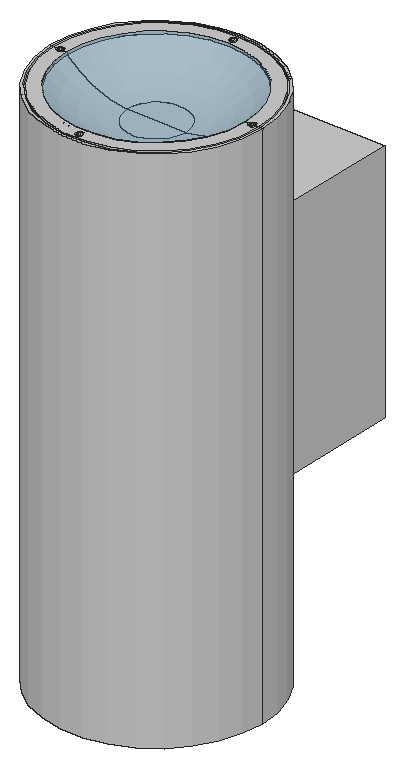
Revit family "WALL DOUBLE TUBE 01_AM16W.1.60", category Luminarias, Revit 2019
Family settings
  Cota de conector redondo = Diámetro de uso
  Tipo de pieza = Normal
  Se basa en plano de trabajo = Sí
  Siempre vertical = No
  Corte con vacíos al cargar = No
  Origen de luz = Sí
  Compartido = No
  Punto de cálculo de habitación = No
Parameters (values of type "WALL DOUBLE TUBE 01_AM16W.1.60")
  Ángulo de inclinación = 60.00°
  Zone [instance] = ""
  Watt per fixture = 20
  Wattage = 20 W
  built-in parameter 1150107 = 3000 (stored number, unit not read)
  built-in parameter 1150110 = 1 (stored number, unit not read)
  built-in parameter 1150109 = 1 (stored number, unit not read)
  built-in parameter 1150112 = 1 (stored number, unit not read)
  built-in parameter 1150113 = 1 (stored number, unit not read)
  built-in parameter 1114218 = 1 (stored number, unit not read)
  Keynote = ""
  built-in parameter 1150137 = (empty or 0)
  built-in parameter 1150132 = (empty or 0)
  Modelo = "AM16W.1.60"
  Lámpara = "NICHIA"
  built-in parameter 1150105 = 156.93 (stored number, unit not read)
  built-in parameter 1150102 = (empty or 0)
  built-in parameter 1150106 = 1.5693 (stored number, unit not read)
  Lumens = 1972 lm
  Color Filter = 16777215
  built-in parameter 1114217 = 1 (stored number, unit not read)
  built-in parameter 1150139 = (empty or 0)
  Fabricante = "BRILLANT"
  Default Elevation = 0 mm
  built-in parameter 1150104 = 9.1602 (stored number, unit not read)
  Descripción = "LUMINARIA DIRIGIBLE EN FORMA TUBULAR TIPO ARBOTANTE DOBLE DE HAZ (UP & DOWN), DE MATERIAL EN ALEACION DE ALUMINIO EXTRUIDO CON UN PESO DE 1.5KG, CON 2 LED TIPO NICHIA CON UNA POTENCIA TOTAL DE 20W, 2X986 LUMENES, TEMPERATURA EN BLANCO CALIDO 3000K, IRC 80, IP 65, IK10, APERTURA DE  60 GRADOS POR PROYECTO, CORRIENTE DE OPERACIÓN 163mA, CABLE DE 0.3M, ALIMENTADO A 100-277VAC"
  built-in parameter 1150115 = 1 (stored number, unit not read)
  built-in parameter 1150114 = 1 (stored number, unit not read)
  Comentarios de vataje = "100-277V"
  built-in parameter 1150138 = (empty or 0)
  built-in parameter 1150134 = (empty or 0)
  Circuit [instance] = ""
  Dimming Lamp Color Temperature Shift = (empty or 0)
  Archivo de red fotométrica = "AM16W.1_60º.IES"
  built-in parameter 1150133 = 10 (stored number, unit not read)
Reference planes
  plane 1 "Centro (Frontal/Posterior)": y = 0
  plane 2: z = 0
  plane 3 "Centro (Izquierda/Derecha)": x = 0
Forms (mm)
  Revolve 1, solid, material "Cristal", not visible
    sketch origin (-152, 0, 0) x (0, 1, 0) y (0, 0, -1)
      loop
        line (0, -8.749) -> (0, -7.25) -> (-1.499, -7.25)
        arc (-1.499, -7.25) -> (-1.06, -8.31) -> (0, -8.749) r 1.499
      axis (0, -7.25) -> (-1.499, -7.25)
    angle from 0 to 360
  Revolve 2, solid, material "Cristal", not visible
    sketch origin (-136, 0, 0) x (0, 1, 0) y (0, 0, -1)
      loop
        line (0, -8.749) -> (0, -7.25) -> (-1.499, -7.25)
        arc (-1.499, -7.25) -> (-1.06, -8.31) -> (0, -8.749) r 1.499
      axis (0, -7.25) -> (-1.499, -7.25)
    angle from 0 to 360
  Revolve 3, solid, material "Cristal", not visible
    sketch origin (-120, 0, 0) x (0, 1, 0) y (0, 0, -1)
      loop
        line (0, -8.749) -> (0, -7.25) -> (-1.499, -7.25)
        arc (-1.499, -7.25) -> (-1.06, -8.31) -> (0, -8.749) r 1.499
      axis (0, -7.25) -> (-1.499, -7.25)
    angle from 0 to 360
  Revolve 4, solid, material "Cristal", not visible
    sketch origin (-104, 0, 0) x (0, 1, 0) y (0, 0, -1)
      loop
        line (0, -8.749) -> (0, -7.25) -> (-1.499, -7.25)
        arc (-1.499, -7.25) -> (-1.06, -8.31) -> (0, -8.749) r 1.499
      axis (0, -7.25) -> (-1.499, -7.25)
    angle from 0 to 360
  Revolve 5, solid, material "Cristal", not visible
    sketch origin (-88, 0, 0) x (0, 1, 0) y (0, 0, -1)
      loop
        line (0, -8.749) -> (0, -7.25) -> (-1.499, -7.25)
        arc (-1.499, -7.25) -> (-1.06, -8.31) -> (0, -8.749) r 1.499
      axis (0, -7.25) -> (-1.499, -7.25)
    angle from 0 to 360
  Revolve 6, solid, material "Cristal", not visible
    sketch origin (-72, 0, 0) x (0, 1, 0) y (0, 0, -1)
      loop
        line (0, -8.749) -> (0, -7.25) -> (-1.499, -7.25)
        arc (-1.499, -7.25) -> (-1.06, -8.31) -> (0, -8.749) r 1.499
      axis (0, -7.25) -> (-1.499, -7.25)
    angle from 0 to 360
  Revolve 7, solid, material "Cristal", not visible
    sketch origin (-56, 0, 0) x (0, 1, 0) y (0, 0, -1)
      loop
        line (0, -8.749) -> (0, -7.25) -> (-1.499, -7.25)
        arc (-1.499, -7.25) -> (-1.06, -8.31) -> (0, -8.749) r 1.499
      axis (0, -7.25) -> (-1.499, -7.25)
    angle from 0 to 360
  Revolve 8, solid, material "Cristal", not visible
    sketch origin (-40, 0, 0) x (0, 1, 0) y (0, 0, -1)
      loop
        line (0, -8.749) -> (0, -7.25) -> (-1.499, -7.25)
        arc (-1.499, -7.25) -> (-1.06, -8.31) -> (0, -8.749) r 1.499
      axis (0, -7.25) -> (-1.499, -7.25)
    angle from 0 to 360
  Revolve 9, solid, material "Cristal", not visible
    sketch origin (-24, 0, 0) x (0, 1, 0) y (0, 0, -1)
      loop
        line (0, -8.749) -> (0, -7.25) -> (-1.499, -7.25)
        arc (-1.499, -7.25) -> (-1.06, -8.31) -> (0, -8.749) r 1.499
      axis (0, -7.25) -> (-1.499, -7.25)
    angle from 0 to 360
  Revolve 10, solid, material "Cristal", not visible
    sketch origin (-8, 0, 0) x (0, 1, 0) y (0, 0, -1)
      loop
        line (0, -8.749) -> (0, -7.25) -> (-1.499, -7.25)
        arc (-1.499, -7.25) -> (-1.06, -8.31) -> (0, -8.749) r 1.499
      axis (0, -7.25) -> (-1.499, -7.25)
    angle from 0 to 360
  Revolve 11, solid, material "Cristal", not visible
    sketch origin (8, 0, 0) x (0, 1, 0) y (0, 0, -1)
      loop
        line (0, -8.749) -> (0, -7.25) -> (-1.499, -7.25)
        arc (-1.499, -7.25) -> (-1.06, -8.31) -> (0, -8.749) r 1.499
      axis (0, -7.25) -> (-1.499, -7.25)
    angle from 0 to 360
  Revolve 12, solid, material "Cristal", not visible
    sketch origin (24, 0, 0) x (0, 1, 0) y (0, 0, -1)
      loop
        line (0, -8.749) -> (0, -7.25) -> (-1.499, -7.25)
        arc (-1.499, -7.25) -> (-1.06, -8.31) -> (0, -8.749) r 1.499
      axis (0, -7.25) -> (-1.499, -7.25)
    angle from 0 to 360
  Revolve 13, solid, material "Cristal", not visible
    sketch origin (40, 0, 0) x (0, 1, 0) y (0, 0, -1)
      loop
        line (0, -8.749) -> (0, -7.25) -> (-1.499, -7.25)
        arc (-1.499, -7.25) -> (-1.06, -8.31) -> (0, -8.749) r 1.499
      axis (0, -7.25) -> (-1.499, -7.25)
    angle from 0 to 360
  Revolve 14, solid, material "Cristal", not visible
    sketch origin (56, 0, 0) x (0, 1, 0) y (0, 0, -1)
      loop
        line (0, -8.749) -> (0, -7.25) -> (-1.499, -7.25)
        arc (-1.499, -7.25) -> (-1.06, -8.31) -> (0, -8.749) r 1.499
      axis (0, -7.25) -> (-1.499, -7.25)
    angle from 0 to 360
  Revolve 15, solid, material "Cristal", not visible
    sketch origin (72, 0, 0) x (0, 1, 0) y (0, 0, -1)
      loop
        line (0, -8.749) -> (0, -7.25) -> (-1.499, -7.25)
        arc (-1.499, -7.25) -> (-1.06, -8.31) -> (0, -8.749) r 1.499
      axis (0, -7.25) -> (-1.499, -7.25)
    angle from 0 to 360
  Revolve 16, solid, material "Cristal", not visible
    sketch origin (88, 0, 0) x (0, 1, 0) y (0, 0, -1)
      loop
        line (0, -8.749) -> (0, -7.25) -> (-1.499, -7.25)
        arc (-1.499, -7.25) -> (-1.06, -8.31) -> (0, -8.749) r 1.499
      axis (0, -7.25) -> (-1.499, -7.25)
    angle from 0 to 360
  Revolve 17, solid, material "Cristal", not visible
    sketch origin (104, 0, 0) x (0, 1, 0) y (0, 0, -1)
      loop
        line (0, -8.749) -> (0, -7.25) -> (-1.499, -7.25)
        arc (-1.499, -7.25) -> (-1.06, -8.31) -> (0, -8.749) r 1.499
      axis (0, -7.25) -> (-1.499, -7.25)
    angle from 0 to 360
  Revolve 18, solid, material "Cristal", not visible
    sketch origin (120, 0, 0) x (0, 1, 0) y (0, 0, -1)
      loop
        line (0, -8.749) -> (0, -7.25) -> (-1.499, -7.25)
        arc (-1.499, -7.25) -> (-1.06, -8.31) -> (0, -8.749) r 1.499
      axis (0, -7.25) -> (-1.499, -7.25)
    angle from 0 to 360
  Revolve 19, solid, material "Cristal", not visible
    sketch origin (136, 0, 0) x (0, 1, 0) y (0, 0, -1)
      loop
        line (0, -8.749) -> (0, -7.25) -> (-1.499, -7.25)
        arc (-1.499, -7.25) -> (-1.06, -8.31) -> (0, -8.749) r 1.499
      axis (0, -7.25) -> (-1.499, -7.25)
    angle from 0 to 360
  Revolve 20, solid, material "Cristal", not visible
    sketch origin (152, 0, 0) x (0, 1, 0) y (0, 0, -1)
      loop
        line (0, -8.749) -> (0, -7.25) -> (-1.499, -7.25)
        arc (-1.499, -7.25) -> (-1.06, -8.31) -> (0, -8.749) r 1.499
      axis (0, -7.25) -> (-1.499, -7.25)
    angle from 0 to 360
  Revolve 21, solid, material "Acero Inoxidable"
    sketch origin (0, -72, 120.325) x (-1, 0, 0) y (0, 0, 1)
      loop
        line (0, 68.159) -> (-11.124, 68.159)
        arc (-11.124, 68.159) -> (-23.278, 71.406) -> (-33.59, 78.615) r 36.226
        line (-33.59, 78.615) -> (-33.59, 79.488) -> (-38.399, 79.488) -> (-38.399, 78.604) -> (-39.2, 78.604) -> (-39.2, 79.488) -> (-40, 79.488) -> (-40, -120.325) -> (-39.2, -120.325) -> (-39.2, -119.441) -> (-38.399, -119.441) -> (-38.399, -120.325) -> (-33.59, -120.325) -> (-33.59, -119.453)
        arc (-33.59, -119.453) -> (-23.278, -112.244) -> (-11.124, -108.997) r 36.226
        line (-11.124, -108.997) -> (0, -108.997) -> (0, 68.159)
      axis (0, 79.488) -> (0, -120.325)
    angle from 0 to 360
  Extrusion 22, solid, material "Cristal"
    sketch origin (0, 19.494, 0) x (1, 0, 0) y (0, 1, 0)
      loop
        circle (0, -91.494) r 33.59
    from 0 to 0.872
  Extrusion 23, solid, material "Acero Inoxidable"
    sketch origin (0, 0, 0) x (1, 0, 0) y (0, 1, 0)
      loop
        line (-28, 0) -> (-28, -43.434)
        arc (-28, -43.434) -> (0, -32) -> (28, -43.434) r 40
        line (28, -43.434) -> (28, 0) -> (-28, 0)
    from 66.772 to 158.395
  Extrusion 24, void
    sketch origin (0, 0, 0) x (1, 0, 0) y (0, 1, 0)
      loop
        circle (0, -35.958) r 1.283
      loop
        circle (0, -108.042) r 1.283
      loop
        circle (36.019, -72) r 1.283
      loop
        circle (-36.019, -72) r 1.283
    from 0 to 1.671
  Extrusion 25, solid, material "Acero Inoxidable"
    sketch origin (0, 0, 0) x (1, 0, 0) y (0, 1, 0)
      loop
        circle (0, -35.958) r 1.084
      loop
        line (-0.79, -35.958) -> (-0.395, -36.642) -> (0.395, -36.642) -> (0.79, -35.958) -> (0.395, -35.274) -> (-0.395, -35.274) -> (-0.79, -35.958)
      loop
        circle (36.019, -72) r 1.084
      loop
        line (35.229, -72) -> (35.624, -72.684) -> (36.414, -72.684) -> (36.809, -72) -> (36.414, -71.316) -> (35.624, -71.316) -> (35.229, -72)
      loop
        circle (-0.023, -108.042) r 1.084
      loop
        line (-0.813, -108.042) -> (-0.418, -108.726) -> (0.372, -108.726) -> (0.767, -108.042) -> (0.372, -107.358) -> (-0.418, -107.358) -> (-0.813, -108.042)
      loop
        circle (-36.019, -72) r 1.084
      loop
        line (-36.809, -72) -> (-36.414, -72.684) -> (-35.624, -72.684) -> (-35.229, -72) -> (-35.624, -71.316) -> (-36.414, -71.316) -> (-36.809, -72)
    from 0 to 1.671
  Extrusion 26, void
    sketch origin (0, 0, 0) x (1, 0, 0) y (0, 1, 0)
      loop
        circle (-14.364, -17.208) r 3.469
      loop
        circle (14.364, -17.208) r 3.469
    from 66.772 to 70.128
  Extrusion 27, solid, material "Aluminio"
    sketch origin (0, 0, 0) x (1, 0, 0) y (0, 1, 0)
      loop
        circle (-14.364, -17.208) r 3.271
      loop
        line (-16.787, -16.804) -> (-16.787, -17.613) -> (-14.764, -17.613) -> (-14.764, -19.632) -> (-13.964, -19.632) -> (-13.964, -17.613) -> (-11.941, -17.613) -> (-11.941, -16.804) -> (-13.964, -16.804) -> (-13.964, -14.785) -> (-14.764, -14.785) -> (-14.764, -16.804) -> (-16.787, -16.804)
      loop
        circle (14.364, -17.208) r 3.271
      loop
        line (11.941, -16.804) -> (11.941, -17.613) -> (13.964, -17.613) -> (13.964, -19.632) -> (14.764, -19.632) -> (14.764, -17.613) -> (16.787, -17.613) -> (16.787, -16.804) -> (14.764, -16.804) -> (14.764, -14.785) -> (13.964, -14.785) -> (13.964, -16.804) -> (11.941, -16.804)
    from 66.772 to 70.128
  Extrusion 28, solid, material "Cristal"
    sketch origin (0, 19.494, 188) x (0, -1, 0) y (1, 0, 0)
      loop
        circle (91.494, 0) r 33.59
    from 10.941 to 11.813
  Extrusion 29, void
    sketch origin (0, 0, 208) x (0, -1, 0) y (1, 0, 0)
      loop
        circle (35.958, 0) r 1.283
      loop
        circle (108.042, 0) r 1.283
      loop
        circle (72, 36.019) r 1.283
      loop
        circle (72, -36.019) r 1.283
    from -9.858 to -8.187
  Extrusion 30, solid, material "Acero Inoxidable"
    sketch origin (0, 0, 198.142) x (0, -1, 0) y (1, 0, 0)
      loop
        circle (35.958, 0) r 1.084
      loop
        line (35.958, -0.79) -> (36.642, -0.395) -> (36.642, 0.395) -> (35.958, 0.79) -> (35.274, 0.395) -> (35.274, -0.395) -> (35.958, -0.79)
      loop
        circle (72, 36.019) r 1.084
      loop
        line (72, 35.229) -> (72.684, 35.624) -> (72.684, 36.414) -> (72, 36.809) -> (71.316, 36.414) -> (71.316, 35.624) -> (72, 35.229)
      loop
        circle (108.042, -0.023) r 1.084
      loop
        line (108.042, -0.813) -> (108.726, -0.418) -> (108.726, 0.372) -> (108.042, 0.767) -> (107.358, 0.372) -> (107.358, -0.418) -> (108.042, -0.813)
      loop
        circle (72, -36.019) r 1.084
      loop
        line (72, -36.809) -> (72.684, -36.414) -> (72.684, -35.624) -> (72, -35.229) -> (71.316, -35.624) -> (71.316, -36.414) -> (72, -36.809)
    from 0 to 1.671
Cuts and joins
  Extrusion 24, Extrusion 29 cuts Revolve 21
  Extrusion 26 cuts Extrusion 23
  Extrusion 29 cuts Extrusion 25
Lines and regions (mm)
  model lines
    curve 1: line (0, 0, 0) -> (0, -112, 0)
    curve 2: line (-0.023, 0, 0) -> (2.407, 0, 0)
    curve 3: line (0, 0, 169) -> (2.982, 0, 169)
Dimensions and locks
  equal spacing: Extrusion 23 sketch curve, plane 3 "Centro (Izquierda/Derecha)", Extrusion 23 sketch curve
  Extrusion 23 sketch curve to plane 3 "Centro (Izquierda/Derecha)" = 28 mm
  Extrusion 23 sketch curve to Extrusion 23 sketch curve = 56 mm
  Extrusion 23 to Extrusion 23 = 56 mm
  Extrusion 23 to Extrusion 23 = 91.623 mm
  cut or joined group of Revolve 21, Extrusion 24, Extrusion 29 to cut or joined group of Revolve 21, Extrusion 24, Extrusion 29 = 199.813 mm
  aligned and locked: level to plane 2
  aligned and locked: Extrusion 22 to level
Connectors
  electrical at (0, 0, 112.583)
    settings: on cut or joined group of Extrusion 23, Extrusion 26, index 1, voltage 277 V, apparent load 0 VA, apparent load phase1 0 VA, apparent load phase2 0 VA, apparent load phase3 0 VA, power factor 1, load classification "Otro", number of poles 1, system type 31, power factor state 1, is connector primary yes, connector utility no, sub classification motor no, connector description ""
